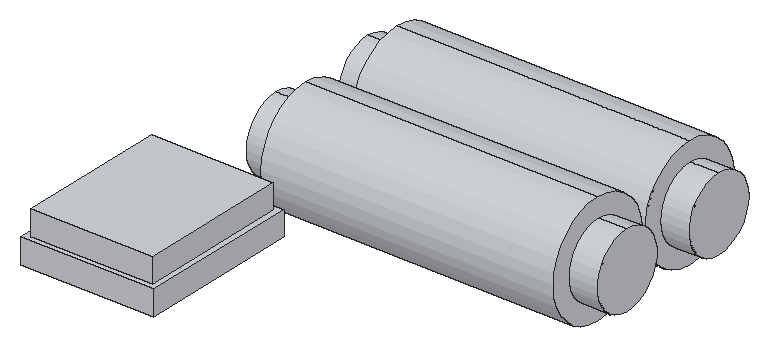
Revit family "SMART box 1  (supply-exhaust-controls)_2", category Příslušenství potrubí, Revit 2018
Family settings
  Kóta kulaté spojky = Použít průměr
  Typ dílu = Zalomí se do
  Číslo OmniClass = 23.75.00.00
  Nadpis OmniClass = Climate Control (HVAC)
  Založené na pracovní rovině = Ne
  Vždy vertikální = Ano
  Ořezat dutým tvarem při načtení = Ne
  Sdílené = Ne
Parameters (values of type "SMART Box 125 / 125")
  Width [instance] = 0.83 mm
  Weight [instance] = 7.00 kg
  URL = ""
  Type [instance] = "SMART Box 125 / 125"
  Total_SFP [instance] = 0
  Supply_outlet_hum [instance] = 0
  Supply_inlet_hum [instance] = 0
  Supply_ext_pressure [instance] = 0.0 Pa
  Supply_SFP [instance] = 0
  Source_adu_file [instance] = ""
  Recuperation_type [instance] = ""
  Recuperation_efficiency_EN308 [instance] = 0
  Project_name [instance] = ""
  Project_date [instance] = "23.8.2023"
  Power_supply_fusing [instance] = "0"
  Power_supply_cable [instance] = "0"
  Position [instance] = "SMART box 1  (supply-exhaust-controls)"
  Phases_count [instance] = 0
  Panel_thickness [instance] = 0.06 mm
  Outer_surface [instance] = "RAL 9002"
  Length [instance] = 0.647 mm
  Insulation_type [instance] = "PUR"
  Insulation_thickness [instance] = 0.05 mm
  Installation_environment [instance] = ""
  Input_power_max [instance] = 0 W
  Inner_surface [instance] = "Pozink"
  Height [instance] = 0.189 mm
  Exhaust_outlet_hum [instance] = 0
  Exhaust_inlet_hum [instance] = 40
  Exhaust_ext_pressure [instance] = 0.0 Pa
  Exhaust_SFP [instance] = 0
  E2 [instance] = 0.0 L/s
  I1 [instance] = 0.0 L/s
  Description = ""
  M1 [instance] = 0.0 L/s
  Device_dutypoint_version [instance] = "0"
  Device_design_version [instance] = "1"
  Device_adu_id [instance] = "2"
  Current_max [instance] = 0 A
  Casing_mat [instance] = "painted zinc layer"
  Cable type [instance] = ""
Reference planes
  plane 1 "Střed (vpředu/vzadu)": y = 0
  plane 2 "ref": z = 0
  plane 3 "Střed (vlevo/vpravo)": x = 0
Forms (mm)
  Sweep 1, solid
    path origin (97, 698, 95) x (0, 0, -1) y (1, 0, 0)
      loop
        line (0, 0) -> (0, 500)
    profile origin (97, 698, 95) x (0, 0, 1) y (0, -1, 0)
      loop
        circle (0, 0) r 95
  Sweep 2, solid
    path origin (97, 698, 95) x (0, 0, -1) y (1, 0, 0)
      loop
        line (0, 0) -> (0, -50)
    profile origin (97, 698, 95) x (0, 0, -1) y (0, -1, 0)
      loop
        circle (0, 0) r 63
  Sweep 3, solid
    path origin (597, 698, 95) x (0, 0, -1) y (1, 0, 0)
      loop
        line (0, 0) -> (0, 50)
    profile origin (597, 698, 95) x (0, 0, 1) y (0, -1, 0)
      loop
        circle (0, 0) r 63
  Sweep 4, solid
    path origin (97, 502, 95) x (0, 0, -1) y (1, 0, 0)
      loop
        line (0, 0) -> (0, 500)
    profile origin (97, 502, 95) x (0, 0, 1) y (0, -1, 0)
      loop
        circle (0, 0) r 95
  Sweep 5, solid
    path origin (97, 502, 95) x (0, 0, -1) y (1, 0, 0)
      loop
        line (0, 0) -> (0, -50)
    profile origin (97, 502, 95) x (0, 0, -1) y (0, -1, 0)
      loop
        circle (0, 0) r 63
  Sweep 6, solid
    path origin (597, 502, 95) x (0, 0, -1) y (1, 0, 0)
      loop
        line (0, 0) -> (0, 50)
    profile origin (597, 502, 95) x (0, 0, 1) y (0, -1, 0)
      loop
        circle (0, 0) r 63
  Sweep 7, solid
    path origin (0, 0, 133) x (0, 0, 1) y (1, 0, 0)
      loop
        line (0, 0) -> (42, 0)
    profile origin (0, 0, 133) x (1, 0, 0) y (0, 1, 0)
      loop
        line (10, 24) -> (218, 24) -> (218, 282) -> (10, 282) -> (10, 24)
  Sweep 8, solid
    path origin (0, 0, 91) x (0, 0, 1) y (1, 0, 0)
      loop
        line (0, 0) -> (42, 0)
    profile origin (0, 0, 91) x (1, 0, 0) y (0, 1, 0)
      loop
        line (0, 14) -> (228, 14) -> (228, 292) -> (0, 292) -> (0, 14)
Lines and regions (mm)
  model lines
    curve 1: line (97, 0, 189) -> (97, 407, 189)
    curve 2: line (97, 407, 189) -> (132, 407, 189)
    curve 3: line (132, 407, 189) -> (132, 0, 189)
    curve 4: line (132, 0, 189) -> (97, 0, 189)
    curve 5: line (97, 0, 174) -> (97, 407, 174)
    curve 6: line (97, 407, 174) -> (132, 407, 174)
    curve 7: line (132, 407, 174) -> (132, 0, 174)
    curve 8: line (132, 0, 174) -> (97, 0, 174)
    curve 9: line (97, 0, 174) -> (97, 0, 189)
    curve 10: line (97, 0, 189) -> (97, 407, 189)
    curve 11: line (97, 407, 189) -> (97, 407, 174)
    curve 12: line (97, 407, 174) -> (97, 0, 174)
    curve 13: line (132, 0, 174) -> (132, 0, 189)
    curve 14: line (132, 0, 189) -> (132, 407, 189)
    curve 15: line (132, 407, 189) -> (132, 407, 174)
    curve 16: line (132, 407, 174) -> (132, 0, 174)
    curve 17: line (97, 407, 189) -> (97, 604, 189)
    curve 18: line (97, 604, 189) -> (132, 604, 189)
    curve 19: line (132, 604, 189) -> (132, 407, 189)
    curve 20: line (132, 407, 189) -> (97, 407, 189)
    curve 21: line (97, 407, 174) -> (97, 604, 174)
    curve 22: line (97, 604, 174) -> (132, 604, 174)
    curve 23: line (132, 604, 174) -> (132, 407, 174)
    curve 24: line (132, 407, 174) -> (97, 407, 174)
    curve 25: line (97, 407, 174) -> (97, 407, 189)
    curve 26: line (97, 407, 189) -> (97, 604, 189)
    curve 27: line (97, 604, 189) -> (97, 604, 174)
    curve 28: line (97, 604, 174) -> (97, 407, 174)
    curve 29: line (132, 407, 174) -> (132, 407, 189)
    curve 30: line (132, 407, 189) -> (132, 604, 189)
    curve 31: line (132, 604, 189) -> (132, 604, 174)
    curve 32: line (132, 604, 174) -> (132, 407, 174)
    curve 33: line (97, 604, 189) -> (97, 830, 189)
    curve 34: line (97, 830, 189) -> (132, 830, 189)
    curve 35: line (132, 830, 189) -> (132, 604, 189)
    curve 36: line (132, 604, 189) -> (97, 604, 189)
    curve 37: line (97, 604, 174) -> (97, 830, 174)
    curve 38: line (97, 830, 174) -> (132, 830, 174)
    curve 39: line (132, 830, 174) -> (132, 604, 174)
    curve 40: line (132, 604, 174) -> (97, 604, 174)
    curve 41: line (97, 604, 174) -> (97, 604, 189)
    curve 42: line (97, 604, 189) -> (97, 830, 189)
    curve 43: line (97, 830, 189) -> (97, 830, 174)
    curve 44: line (97, 830, 174) -> (97, 604, 174)
    curve 45: line (132, 604, 174) -> (132, 604, 189)
    curve 46: line (132, 604, 189) -> (132, 830, 189)
    curve 47: line (132, 830, 189) -> (132, 830, 174)
    curve 48: line (132, 830, 174) -> (132, 604, 174)
    curve 49: line (97, 415, 174) -> (97, 415, 189)
    curve 50: line (97, 415, 189) -> (132, 415, 189)
    curve 51: line (132, 415, 189) -> (132, 415, 174)
    curve 52: line (132, 415, 174) -> (97, 415, 174)
    curve 53: line (97, 830, 174) -> (97, 830, 189)
    curve 54: line (97, 830, 189) -> (132, 830, 189)
    curve 55: line (132, 830, 189) -> (132, 830, 174)
    curve 56: line (132, 830, 174) -> (97, 830, 174)
    curve 57: line (97, 0, 174) -> (97, 0, 189)
    curve 58: line (97, 0, 189) -> (132, 0, 189)
    curve 59: line (132, 0, 189) -> (132, 0, 174)
    curve 60: line (132, 0, 174) -> (97, 0, 174)
    curve 61: line (561, 370, 189) -> (561, 407, 189)
    curve 62: line (561, 407, 189) -> (597, 407, 189)
    curve 63: line (597, 407, 189) -> (597, 370, 189)
    curve 64: line (597, 370, 189) -> (561, 370, 189)
    curve 65: line (561, 370, 174) -> (561, 407, 174)
    curve 66: line (561, 407, 174) -> (597, 407, 174)
    curve 67: line (597, 407, 174) -> (597, 370, 174)
    curve 68: line (597, 370, 174) -> (561, 370, 174)
    curve 69: line (561, 370, 174) -> (561, 370, 189)
    curve 70: line (561, 370, 189) -> (561, 407, 189)
    curve 71: line (561, 407, 189) -> (561, 407, 174)
    curve 72: line (561, 407, 174) -> (561, 370, 174)
    curve 73: line (597, 370, 174) -> (597, 370, 189)
    curve 74: line (597, 370, 189) -> (597, 407, 189)
    curve 75: line (597, 407, 189) -> (597, 407, 174)
    curve 76: line (597, 407, 174) -> (597, 370, 174)
    curve 77: line (561, 407, 189) -> (561, 604, 189)
    curve 78: line (561, 604, 189) -> (597, 604, 189)
    curve 79: line (597, 604, 189) -> (597, 407, 189)
    curve 80: line (597, 407, 189) -> (561, 407, 189)
    curve 81: line (561, 407, 174) -> (561, 604, 174)
    curve 82: line (561, 604, 174) -> (597, 604, 174)
    curve 83: line (597, 604, 174) -> (597, 407, 174)
    curve 84: line (597, 407, 174) -> (561, 407, 174)
    curve 85: line (561, 407, 174) -> (561, 407, 189)
    curve 86: line (561, 407, 189) -> (561, 604, 189)
    curve 87: line (561, 604, 189) -> (561, 604, 174)
    curve 88: line (561, 604, 174) -> (561, 407, 174)
    curve 89: line (597, 407, 174) -> (597, 407, 189)
    curve 90: line (597, 407, 189) -> (597, 604, 189)
    curve 91: line (597, 604, 189) -> (597, 604, 174)
    curve 92: line (597, 604, 174) -> (597, 407, 174)
    curve 93: line (561, 604, 189) -> (561, 830, 189)
    curve 94: line (561, 830, 189) -> (597, 830, 189)
    curve 95: line (597, 830, 189) -> (597, 604, 189)
    curve 96: line (597, 604, 189) -> (561, 604, 189)
    curve 97: line (561, 604, 174) -> (561, 830, 174)
    curve 98: line (561, 830, 174) -> (597, 830, 174)
    curve 99: line (597, 830, 174) -> (597, 604, 174)
    curve 100: line (597, 604, 174) -> (561, 604, 174)
    curve 101: line (561, 604, 174) -> (561, 604, 189)
    curve 102: line (561, 604, 189) -> (561, 830, 189)
    curve 103: line (561, 830, 189) -> (561, 830, 174)
    curve 104: line (561, 830, 174) -> (561, 604, 174)
    curve 105: line (597, 604, 174) -> (597, 604, 189)
    curve 106: line (597, 604, 189) -> (597, 830, 189)
    curve 107: line (597, 830, 189) -> (597, 830, 174)
    curve 108: line (597, 830, 174) -> (597, 604, 174)
    curve 109: line (597, 600, 174) -> (597, 600, 189)
    curve 110: line (597, 600, 189) -> (561, 600, 189)
    curve 111: line (561, 600, 189) -> (561, 600, 174)
    curve 112: line (561, 600, 174) -> (597, 600, 174)
    curve 113: line (597, 830, 174) -> (597, 830, 189)
    curve 114: line (597, 830, 189) -> (561, 830, 189)
    curve 115: line (561, 830, 189) -> (561, 830, 174)
    curve 116: line (561, 830, 174) -> (597, 830, 174)
    curve 117: line (597, 370, 174) -> (597, 370, 189)
    curve 118: line (597, 370, 189) -> (561, 370, 189)
    curve 119: line (561, 370, 189) -> (561, 370, 174)
    curve 120: line (561, 370, 174) -> (597, 370, 174)
    curve 121: line (540, 713, 189) -> (540, 683, 189)
    curve 122: line (540, 683, 189) -> (440, 683, 189)
    curve 123: line (440, 683, 189) -> (440, 660, 189)
    curve 124: line (440, 660, 189) -> (385, 698, 189)
    curve 125: line (385, 698, 189) -> (440, 736, 189)
    curve 126: line (440, 736, 189) -> (440, 713, 189)
    curve 127: line (440, 713, 189) -> (540, 713, 189)
    curve 128: line (153, 487, 189) -> (153, 517, 189)
    curve 129: line (153, 517, 189) -> (254, 517, 189)
    curve 130: line (254, 517, 189) -> (254, 540, 189)
    curve 131: line (254, 540, 189) -> (308, 502, 189)
    curve 132: line (308, 502, 189) -> (254, 464, 189)
    curve 133: line (254, 464, 189) -> (254, 487, 189)
    curve 134: line (254, 487, 189) -> (153, 487, 189)
    curve 135: line (46, 236, 174) -> (23, 136, 174)
    curve 136: line (23, 136, 174) -> (68, 170, 174)
    curve 137: line (68, 170, 174) -> (46, 70, 174)
    curve 138: line (48, 113, 174) -> (46, 70, 174)
    curve 139: line (46, 70, 174) -> (64, 110, 174)
    curve 140: line (218, 178, 133) -> (218, 148, 155)
    curve 141: line (218, 148, 155) -> (218, 158, 110)
    curve 142: line (218, 158, 110) -> (218, 128, 133)
    curve 143: line (218, 141, 130) -> (218, 128, 133)
    curve 144: line (218, 128, 133) -> (218, 140, 114)
    curve 145: line (10, 178, 133) -> (10, 148, 110)
    curve 146: line (10, 148, 110) -> (10, 158, 155)
    curve 147: line (10, 158, 155) -> (10, 128, 133)
    curve 148: line (10, 141, 135) -> (10, 128, 133)
    curve 149: line (10, 128, 133) -> (10, 140, 151)
    curve 150: circle (114, 815, 174) r 4 normal (0, 0, 1)
    curve 151: circle (114, 15, 174) r 4 normal (0, 0, 1)
    curve 152: circle (114, 815, 189) r 4 normal (0, 0, 1)
    curve 153: circle (114, 15, 189) r 4 normal (0, 0, 1)
    curve 154: circle (579, 815, 174) r 4 normal (0, 0, 1)
    curve 155: circle (579, 385, 174) r 4 normal (0, 0, 1)
    curve 156: circle (579, 815, 189) r 4 normal (0, 0, 1)
    curve 157: circle (579, 385, 189) r 4 normal (0, 0, 1)
    curve 158: circle (97, 698, 95) r 95 normal (1, 0, 0)
    curve 159: circle (597, 698, 95) r 95 normal (1, 0, 0)
    curve 160: circle (597, 698, 95) r 63 normal (1, 0, 0)
    curve 161: circle (97, 698, 95) r 63 normal (1, 0, 0)
    curve 162: circle (97, 502, 95) r 95 normal (1, 0, 0)
    curve 163: circle (597, 502, 95) r 95 normal (1, 0, 0)
    curve 164: circle (597, 502, 95) r 63 normal (1, 0, 0)
    curve 165: circle (97, 502, 95) r 63 normal (1, 0, 0)
Dimensions and locks
  aligned and locked: level to plane 2 "ref"
Connectors
  hvac at (47, 698, 95), driven by "E2"
    settings: on Sweep 2, index 1, duct flow 0.0 L/s, flow factor 1, pres drop 0.0 Pa, loss coef 0, conn angle 0.00°, conn width 304.8 mm, conn height 304.8 mm, conn diameter 125 mm, duct sys type 1, conn prof type 0, flow config 2, flow direction 2, loss method 0, conn ref index -1, conn util no, is conn primary yes, conn desc ""
  hvac at (647, 698, 95), driven by "E2"
    settings: on Sweep 3, index 2, duct flow 0.0 L/s, flow factor 0, pres drop 0.0 Pa, loss coef 0, conn angle 0.00°, conn width 304.8 mm, conn height 304.8 mm, conn diameter 125 mm, duct sys type 1, conn prof type 0, flow config 1, flow direction 1, loss method 0, conn ref index -1, conn util no, is conn primary no, conn desc ""
  hvac at (47, 502, 95), driven by "I1"
    settings: on Sweep 5, index 3, duct flow 0.0 L/s, flow factor 1, pres drop 0.0 Pa, loss coef 0, conn angle 0.00°, conn width 304.8 mm, conn height 304.8 mm, conn diameter 125 mm, duct sys type 3, conn prof type 0, flow config 2, flow direction 1, loss method 0, conn ref index -1, conn util no, is conn primary no, conn desc ""
  hvac at (647, 502, 95), driven by "I1"
    settings: on Sweep 6, index 4, duct flow 0.0 L/s, flow factor 0, pres drop 0.0 Pa, loss coef 0, conn angle 0.00°, conn width 304.8 mm, conn height 304.8 mm, conn diameter 125 mm, duct sys type 3, conn prof type 0, flow config 1, flow direction 2, loss method 0, conn ref index -1, conn util no, is conn primary no, conn desc ""
